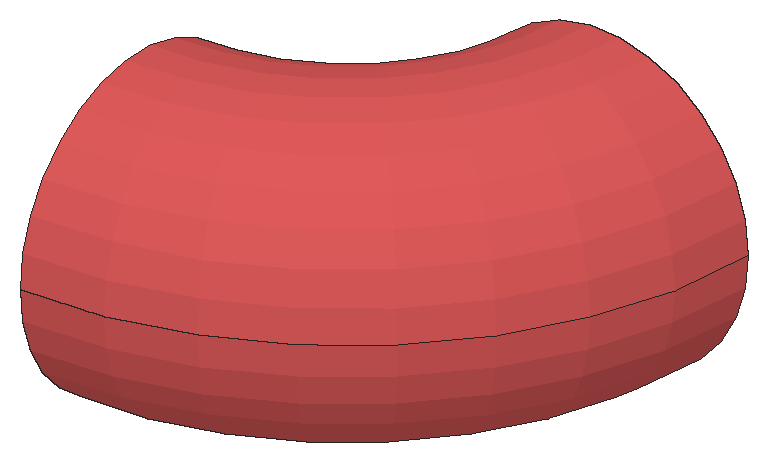
Revit family "Smu_Curva", category Pipe Fittings, Revit 2025
Family settings
  Round Connector Dimension = Use Diameter
  Part Type = Elbow
  Work Plane-Based = No
  Always vertical = Yes
  Cut with Voids When Loaded = No
  Shared = Yes
Parameters
  Nominal Diameter [instance] = 200.0 mm
  Material_Conexao [instance] = FoFo_SMU
  Manufacturer = "SGC"
  Loss Method = Not Defined
  Tabela [instance] = "Smu_Curva"
  Description = "Curva sistema SMU"
  Default Elevation = 0.0 mm
  Curva_Tipo [instance] = "\"Longa\""
  Corpo_T [instance] = size_lookup(Tabela, "Corpo_T", "Curta", Nominal Diameter, Angle)  # "Curta"
  Corpo_R [instance] = if(Corpo_A = 90.00°, Corpo_L, Corpo_L / tan(A2))  # 207.106 mm
  Corpo_L [instance] = size_lookup(Tabela, "Corpo_L", 120.0 mm, Nominal Diameter, Angle)  # 200.0 mm
  Corpo_A [instance] = size_lookup(Tabela, "Corpo_A", 88.00°, Nominal Diameter, Angle)  # 88.00°
  Angle [instance] = 88.00°
  A2 [instance] = Angle / 2  # 44.00°
Reference planes
  plane 1 "Center (Front/Back)": y = 0
  plane 2: z = 0
  plane 3 "Center (Left/Right)": x = -120
  plane 4: x = -320
  plane 5: y = 207.106
Forms (mm)
  Sweep 1, solid, material "FoFo_SMU" <- "Material_Conexao"
    path origin (0, 0, 0) x (1, 0, 0) y (0, 1, 0)
      loop
        arc (-320, 0) -> (-176.132, 58.126) -> (-113.02, 199.878) r 207.106
    profile origin (-176.132, 58.126, 0) x (-0.694658, 0.71934, 0) y (0, 0, 1)
      loop
        circle (0, 0) r 116.4
Lines and regions (mm)
  reference lines
    curve 1: line (-320, 0, 0) -> (-120, 0, 0)
    curve 2: line (-120, 0, 0) -> (-113.02, 199.878, 0)
Dimensions and locks
  "Corpo_L": plane 4 to plane 3 "Center (Left/Right)"
  "Corpo_R": plane 5 to plane 1 "Center (Front/Back)"
  "Corpo_L": curve 1 to curve 1
  "Corpo_L": curve 2 to curve 2
  "Corpo_R": radius of Sweep 1 sketch curve
  radius of Sweep 1 sketch curve = 116.4 mm
  "Angle": angle Sweep 1 sketch curve to Sweep 1 sketch curve
  "Angle": angle plane 1 "Center (Front/Back)" to curve 2
  aligned and locked: Sweep 1 sketch curve to plane 4
  aligned and locked: plane 3 "Center (Left/Right)" to curve 2
  aligned and locked: plane 1 "Center (Front/Back)" to curve 2
  aligned and locked: Sweep 1 to curve 2
Automatic sketch dimensions
  Sweep 1 sketch curve to level = 0.0 mm
  Sweep 1 sketch curve to profile plane = 0.0 mm
  plane 1 "Center (Front/Back)" to Sweep 1 sketch curve = 0.0 mm
Connectors
  piping at (-113.02, 199.878, 0), diameter 200, driven by "Nominal Diameter", driven by "Angle"
    settings: on Sweep 1, index 1, connector inside diameter 609.6 mm, connector length 0.0 mm, flow factor 0, pipe flow 0 GPM, pressure drop 0.00 psi, fitting loss kfactor 0, connector angle 88.00°, fixture units 0, engagement length 0.0 mm, angle of deflection 0.00°, flow configuration 0, flow direction 0, fitting loss method 0, system type 28, joint type 0, gender type 0, connector reference index -1, connector utility 0, adjustable connector no, is connector primary yes, connector description ""
  piping at (-320, 0, 0), diameter 200, driven by "Nominal Diameter", driven by "Angle"
    settings: on Sweep 1, index 2, connector inside diameter 609.6 mm, connector length 0.0 mm, flow factor 0, pipe flow 0 GPM, pressure drop 0.00 psi, fitting loss kfactor 0, connector angle 88.00°, fixture units 0, engagement length 0.0 mm, angle of deflection 0.00°, flow configuration 0, flow direction 0, fitting loss method 0, system type 28, joint type 0, gender type 0, connector reference index -1, connector utility 0, adjustable connector no, is connector primary no, connector description ""
